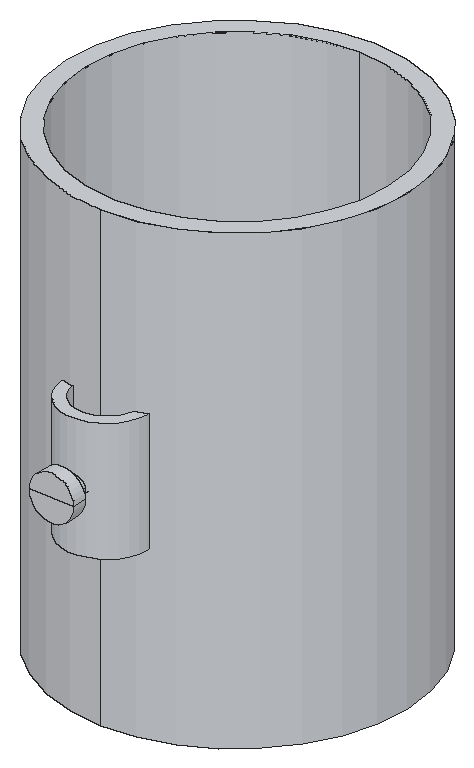
Revit family "EC2B", category Generic Models, Revit 2017
Family settings
  Can host rebar = No
  Round Connector Dimension = Use Diameter
  Part Type = Normal
  Work Plane-Based = Yes
  Always vertical = No
  Cut with Voids When Loaded = No
  Shared = No
  Room Calculation Point = No
Parameters (values of type "NBS Standard Parameters")
  Weight = "0.048Kg"
  WarrantyStartDate [instance] = "1900-12-31T23:59:59"
  WarrantyGuarantorParts = "n/a"
  WarrantyGuarantorLabor = "n/a"
  WarrantyDurationUnit = "1 year"
  WarrantyDurationParts = "n/a"
  WarrantyDurationLabor = "n/a"
  WarrantyDescription = "n/a"
  Version = "1"
  Uniclass2 = "Pr_65_70_70_11_20"
  TagNumber [instance] = "n/a"
  SustainabilityPerformance = "n/a"
  Size = "25mm"
  Shape = "Circular"
  SerialNumber [instance] = "n/a"
  Revision = "n/a"
  ReplacementCost = "n/a"
  ProductInformation = "www.metpro.co.uk/pdf/ec2g/pdf"
  NominalWidth = 28 mm
  NominalLength = 28 mm
  NominalHeight = 38 mm
  Name = ""
  NBSTypeID = ""
  NBSReference = "90-55-10/460"
  NBSOfficeMasterTag = ""
  NBSNote = ""
  NBSDescription = "Conduit Fittings"
  NBSCertification = ""
  ModelReference = "EC2B"
  ModelNumber = "n/a"
  Material = "Steel"
  ManufacturerURL = "www.metpro.co.uk"
  ManufacturerName = "Metpro Ltd"
  Keynote = "Compliant to LU standard 1-085"
  InstallationDate [instance] = "1900-12-31T23:59:59"
  IfcExportType = ""
  IfcExportAs = ""
  Grade = "n/a"
  Finish = "Black"
  Features = "n/a"
  ExpectedLife = "n/a"
  DurationUnit = "year"
  Description = "EC2B Conduit Earth Coupler"
  Default Elevation = 1219.2 mm
  Constituents = "n/a"
  Color = "n/a"
  CodePerformance = "n/a"
  Category = "n/a"
  BarCode [instance] = "n/a"
  BIMObjectName = "Metpro_Metprolibrary_Conduitfittings_Metalcomponents_steelaccessories"
  Author = "Metpro Limited"
  AssetType = ""
  AssetIdentifier [instance] = "n/a"
  AccessibilityPerformance = "n/a"
Reference planes
  plane 1 "Center (Front/Back)": y = 0
  plane 2: z = 0
  plane 3 "Center (Left/Right)": x = 0
Forms (mm)
  Extrusion 1, solid
    sketch origin (-106.039, 85.03, -20) x (0, 1, 0) y (-1, 0, 0)
      loop
        circle (-16.5, -20) r 14
      loop
        circle (-16.5, -20) r 12.5
    from -19 to 19
  Extrusion 2, solid
    sketch origin (-106.039, 85.03, -20) x (0, 1, 0) y (-1, 0, 0)
      loop
        arc (-29.438, -16.5) -> (-33.473, -20) -> (-29.438, -23.5) r 3.536
        arc (-29.438, -23.5) -> (-29.562, -23.039) -> (-29.67, -22.574) r 12.5
        arc (-29.67, -22.574) -> (-32.526, -20) -> (-29.67, -17.426) r 2.588
        arc (-29.67, -17.426) -> (-29.562, -16.961) -> (-29.438, -16.5) r 12.5
    from -5 to 5
  Revolve 3, solid
    sketch origin (-106.039, 85.03, -20) x (0, 1, 0) y (-1, 0, 0)
      loop
        line (-30.625, -20) -> (-30.625, -19.086) -> (-34.485, -19.086) -> (-34.485, -18.166) -> (-35.6, -18.166) -> (-35.6, -20) -> (-30.625, -20)
      axis (-35.6, -20) -> (-30.625, -20)
    angle from 0 to 360
Dimensions and locks
  aligned and locked: level to plane 2
